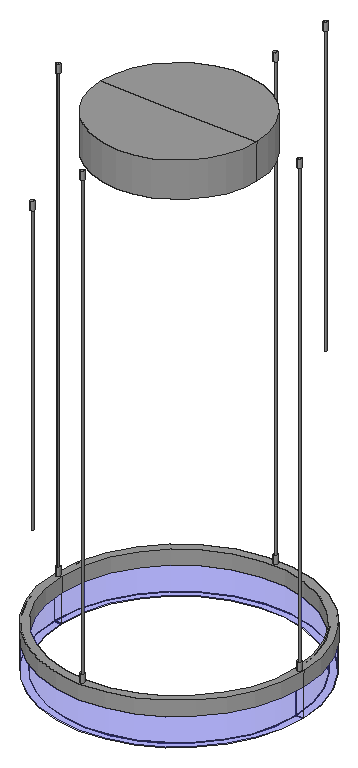
Revit family "Alcon-12272-1-16-Revit-Family", category Generic Models, host Ceiling, Revit 2025
Family settings
  Host = Ceiling
  Can host rebar = No
  Round Connector Dimension = Use Diameter
  Part Type = Normal
  Always vertical = Yes
  Cut with Voids When Loaded = No
  Maintain Annotation Orientation = No
  Shared = No
  Room Calculation Point = No
Parameters
  URL = "https://www.alconlighting.com/?srsltid=AfmBOooDPhGQ0dEP-X2PMtxFfvvWpIAEL4jCll_O2F4_to5onvhnBomy"
  Product Page = "https://www.alconlighting.com/redondo-12272-1.html"
  Model = "12272-1-16"
  Manufacturer = "Alcon Lighting"
  Lens = Glass
  Housing = Default
  Default Elevation = 0' - 0"
Reference planes (in)
  plane 1 "Center (Front/Back)": y = 0
  plane 2 "Ceiling": z = 96
  plane 3 "Center (Left/Right)": x = 0
Forms (in)
  Revolve 1, solid, material "Default" <- "Housing"
    sketch origin (0, 0, 0) x (1, 0, 0) y (0, 0, 1)
      loop
        line (0, 96) -> (0, 93.75) -> (5, 93.75) -> (5, 96) -> (0, 96)
      axis (0, 96) -> (0, 93.75)
    angle from 0 to 360
  Revolve 2, solid, material "Default" <- "Housing"
    sketch origin (0, 0, 0) x (1, 0, 0) y (0, 0, 1)
      loop
        line (7.5, 66.65) -> (7.5, 65.72813) -> (7.5625, 65.72813) -> (7.5625, 66.5875) -> (7.9375, 66.5875) -> (7.9375, 65.72813) -> (8, 65.72813) -> (8, 66.65) -> (7.5, 66.65)
      axis (0, 65.72813) -> (0, 66.65)
    angle from 0 to 360
  Revolve 3, solid, material "Glass" <- "Lens"
    sketch origin (0, 0, 0) x (1, 0, 0) y (0, 0, 1)
      loop
        line (7.5, 63.89) -> (8, 63.89) -> (8, 65.72813) -> (7.96875, 65.72813) -> (7.96875, 63.92125) -> (7.53125, 63.92125) -> (7.53125, 65.72813) -> (7.5, 65.72813) -> (7.5, 63.89)
      axis (0, 63.89) -> (0, 65.72813)
    angle from 0 to 360
  Revolve 4, solid, material "Default" <- "Housing"
    sketch origin (0, -20.29728, 0) x (0, 1, 0) y (0, 0, 1)
      loop
        line (12.55011, 66.65) -> (12.67511, 66.65) -> (12.67511, 67.1208) -> (12.55011, 67.1208) -> (12.55011, 66.65)
      axis (12.55011, 67.1208) -> (12.55011, 66.65)
    angle from 0 to 360
  Extrusion 5, solid, material "Default" <- "Housing"
    sketch origin (0, -7.74728, 92.90344) x (0, 1, 0) y (1, 0, 0)
      loop
        circle (0, 0) r 0.04922
    from -2.62576 to 25.78265
  Revolve 6, solid, material "Default" <- "Housing"
    sketch origin (0, -20.29728, 28.8792) x (0, 1, 0) y (0, 0, 1)
      loop
        line (12.55011, 66.65) -> (12.67511, 66.65) -> (12.67511, 67.1208) -> (12.55011, 67.1208) -> (12.55011, 66.65)
      axis (12.55011, 67.1208) -> (12.55011, 66.65)
    angle from 0 to 360
  Revolve 7, solid, material "Default" <- "Housing"
    sketch origin (0, -4.80413, 0) x (0, 1, 0) y (0, 0, 1)
      loop
        line (12.55011, 66.65) -> (12.67511, 66.65) -> (12.67511, 67.1208) -> (12.55011, 67.1208) -> (12.55011, 66.65)
      axis (12.55011, 67.1208) -> (12.55011, 66.65)
    angle from 0 to 360
  Extrusion 8, solid, material "Default" <- "Housing"
    sketch origin (0, 7.74587, 92.90344) x (0, 1, 0) y (1, 0, 0)
      loop
        circle (0, 0) r 0.04922
    from -2.62576 to 25.78265
  Revolve 9, solid, material "Default" <- "Housing"
    sketch origin (0, -4.80413, 28.8792) x (0, 1, 0) y (0, 0, 1)
      loop
        line (12.55011, 66.65) -> (12.67511, 66.65) -> (12.67511, 67.1208) -> (12.55011, 67.1208) -> (12.55011, 66.65)
      axis (12.55011, 67.1208) -> (12.55011, 66.65)
    angle from 0 to 360
  Revolve 10, solid, material "Default" <- "Housing"
    sketch origin (7.73156, -12.55011, 0) x (0, 1, 0) y (0, 0, 1)
      loop
        line (12.55011, 66.65) -> (12.67511, 66.65) -> (12.67511, 67.1208) -> (12.55011, 67.1208) -> (12.55011, 66.65)
      axis (12.55011, 67.1208) -> (12.55011, 66.65)
    angle from 0 to 360
  Extrusion 11, solid, material "Default" <- "Housing"
    sketch origin (7.73156, -0.00011, 92.90344) x (0, 1, 0) y (1, 0, 0)
      loop
        circle (0, 0) r 0.04922
    from -2.62576 to 25.78265
  Revolve 12, solid, material "Default" <- "Housing"
    sketch origin (7.73156, -12.55011, 28.8792) x (0, 1, 0) y (0, 0, 1)
      loop
        line (12.55011, 66.65) -> (12.67511, 66.65) -> (12.67511, 67.1208) -> (12.55011, 67.1208) -> (12.55011, 66.65)
      axis (12.55011, 67.1208) -> (12.55011, 66.65)
    angle from 0 to 360
  Revolve 13, solid, material "Default" <- "Housing"
    sketch origin (-7.7654, -12.55011, 0) x (0, 1, 0) y (0, 0, 1)
      loop
        line (12.55011, 66.65) -> (12.67511, 66.65) -> (12.67511, 67.1208) -> (12.55011, 67.1208) -> (12.55011, 66.65)
      axis (12.55011, 67.1208) -> (12.55011, 66.65)
    angle from 0 to 360
  Extrusion 14, solid, material "Default" <- "Housing"
    sketch origin (-7.7654, -0.00011, 92.90344) x (0, 1, 0) y (1, 0, 0)
      loop
        circle (0, 0) r 0.04922
    from -2.62576 to 25.78265
  Revolve 15, solid, material "Default" <- "Housing"
    sketch origin (-7.7654, -12.55011, 28.8792) x (0, 1, 0) y (0, 0, 1)
      loop
        line (12.55011, 66.65) -> (12.67511, 66.65) -> (12.67511, 67.1208) -> (12.55011, 67.1208) -> (12.55011, 66.65)
      axis (12.55011, 67.1208) -> (12.55011, 66.65)
    angle from 0 to 360
  Revolve 16, solid, material "Default" <- "Housing"
    sketch origin (-7.7654, -12.55011, 0) x (0, 1, 0) y (0, 0, 1)
      loop
        line (12.55011, 66.65) -> (12.67511, 66.65) -> (12.67511, 67.1208) -> (12.55011, 67.1208) -> (12.55011, 66.65)
      axis (12.55011, 67.1208) -> (12.55011, 66.65)
    angle from 0 to 360
  Extrusion 17, solid, material "Default" <- "Housing"
    sketch origin (-7.7654, -0.00011, 92.90344) x (0, 1, 0) y (1, 0, 0)
      loop
        circle (0, 0) r 0.04922
    from -2.62576 to 25.78265
  Revolve 18, solid, material "Default" <- "Housing"
    sketch origin (-7.7654, -12.55011, 28.8792) x (0, 1, 0) y (0, 0, 1)
      loop
        line (12.55011, 66.65) -> (12.67511, 66.65) -> (12.67511, 67.1208) -> (12.55011, 67.1208) -> (12.55011, 66.65)
      axis (12.55011, 67.1208) -> (12.55011, 66.65)
    angle from 0 to 360
  Extrusion 19, solid, material "Default" <- "Housing"
    sketch origin (0, 11.74989, 102.90344) x (0, 1, 0) y (1, 0, 0)
      loop
        circle (0, 0) r 0.04922
    from 7.37424 to 25.78265
  Revolve 20, solid, material "Default" <- "Housing"
    sketch origin (0, -0.80011, 28.8792) x (0, 1, 0) y (0, 0, 1)
      loop
        line (12.55011, 66.65) -> (12.67511, 66.65) -> (12.67511, 67.1208) -> (12.55011, 67.1208) -> (12.55011, 66.65)
      axis (12.55011, 67.1208) -> (12.55011, 66.65)
    angle from 0 to 360
  Extrusion 21, solid, material "Default" <- "Housing"
    sketch origin (0, -11.75011, 102.90344) x (0, 1, 0) y (1, 0, 0)
      loop
        circle (0, 0) r 0.04922
    from 7.37424 to 25.78265
  Revolve 22, solid, material "Default" <- "Housing"
    sketch origin (0, -24.30011, 28.8792) x (0, 1, 0) y (0, 0, 1)
      loop
        line (12.55011, 66.65) -> (12.67511, 66.65) -> (12.67511, 67.1208) -> (12.55011, 67.1208) -> (12.55011, 66.65)
      axis (12.55011, 67.1208) -> (12.55011, 66.65)
    angle from 0 to 360
Dimensions and locks (in)
  equal spacing: host sketch curve, plane 3 "Center (Left/Right)", host sketch curve
  equal spacing: host sketch curve, plane 1 "Center (Front/Back)", host sketch curve
  host sketch curve to host sketch curve = 10' - 0"  (x2)
  aligned and locked: Extrusion 5 to Revolve 4
  aligned and locked: Revolve 6 to Extrusion 5
  aligned and locked: Extrusion 8 to Revolve 7
  aligned and locked: Revolve 9 to Extrusion 8
  aligned and locked: Extrusion 11 to Revolve 10
  aligned and locked: Revolve 12 to Extrusion 11
  aligned and locked: Extrusion 14 to Revolve 13
  aligned and locked: Extrusion 17 to Revolve 16
  aligned and locked: Revolve 20 to Extrusion 19
  aligned and locked: Revolve 22 to Extrusion 21
